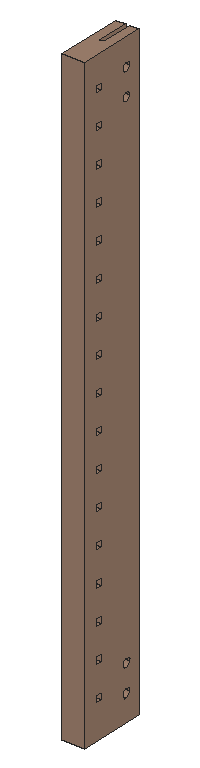
Revit family "KLS - wooden vertical furniture", category Generic Models, host Face, Revit 2014
Parameters
  wood = KLS - Wood (Oak)
  width inside = 20 mm
  width = 100 mm
  void = 30 mm
  thickness = 300 mm
  number of voids = (height - 300 mm) / 150 mm + 1  # 17
  length inside [instance] = 140 mm
  hole_radius = 20 mm
  height_holes = 352.495 mm
  height_hole1 = 150 mm
  height = 2700 mm
  Default Elevation = 1219.2 mm
Reference planes
  plane 1 "Center (Front/Back)": y = 0
  plane 2: z = 0
  plane 3 "Center (Left/Right)": x = 0
  plane 4: x = -50
  plane 5: x = 50
  plane 6: y = 150
  plane 7: y = -150
  plane 8: z = 2700
  plane 9: y = 10
  plane 10: x = -10
  plane 11: x = 10
  plane 12: z = 117.498
  plane 13: z = 234.997
  plane 14: z = 352.495
  plane 15: y = 80
  plane 16: z = 2582.502
  plane 17: z = 2465.003
  plane 18: z = 2347.505
  plane 19: z = 150
  plane 20: z = 180
  plane 21: y = -85
  plane 22: y = -55
  plane 23: y = -70
Forms (mm)
  Extrusion 1, solid, material "KLS - Wood (Oak)" <- "wood"
    sketch origin (0, 0, 0) x (1, 0, 0) y (0, 1, 0)
      loop
        line (-50, -150) -> (50, -150) -> (50, 150) -> (10, 150) -> (10, 10) -> (-10, 10) -> (-10, 150) -> (-50, 150) -> (-50, -150)
    from 0 to 2700
  Extrusion 2, void
    sketch origin (0, 0, 0) x (0, 1, 0) y (0, 0, 1)
      loop
        circle (80, 234.997) r 20
      loop
        circle (80, 117.498) r 20
    from -50 to 50
  Extrusion 3, void
    sketch origin (0, 0, 0) x (0, 1, 0) y (0, 0, 1)
      loop
        circle (80, 2582.502) r 20
      loop
        circle (80, 2465.003) r 20
    from -50 to 50
  Extrusion 4, void
    sketch origin (0, 0, 0) x (0, 1, 0) y (0, 0, 1)
      loop
        line (-85, 150) -> (-55, 150) -> (-55, 180) -> (-85, 180) -> (-85, 150)
    from -50 to 50
  Extrusion 5, void
    sketch origin (0, 0, 150) x (0, 1, 0) y (0, 0, 1)
      loop
        line (-85, 150) -> (-55, 150) -> (-55, 180) -> (-85, 180) -> (-85, 150)
    from -50 to 50
  Extrusion 6, void
    sketch origin (0, 0, 300) x (0, 1, 0) y (0, 0, 1)
      loop
        line (-85, 150) -> (-55, 150) -> (-55, 180) -> (-85, 180) -> (-85, 150)
    from -50 to 50
  Extrusion 7, void
    sketch origin (0, 0, 450) x (0, 1, 0) y (0, 0, 1)
      loop
        line (-85, 150) -> (-55, 150) -> (-55, 180) -> (-85, 180) -> (-85, 150)
    from -50 to 50
  Extrusion 8, void
    sketch origin (0, 0, 600) x (0, 1, 0) y (0, 0, 1)
      loop
        line (-85, 150) -> (-55, 150) -> (-55, 180) -> (-85, 180) -> (-85, 150)
    from -50 to 50
  Extrusion 9, void
    sketch origin (0, 0, 750) x (0, 1, 0) y (0, 0, 1)
      loop
        line (-85, 150) -> (-55, 150) -> (-55, 180) -> (-85, 180) -> (-85, 150)
    from -50 to 50
  Extrusion 10, void
    sketch origin (0, 0, 900) x (0, 1, 0) y (0, 0, 1)
      loop
        line (-85, 150) -> (-55, 150) -> (-55, 180) -> (-85, 180) -> (-85, 150)
    from -50 to 50
  Extrusion 11, void
    sketch origin (0, 0, 1050) x (0, 1, 0) y (0, 0, 1)
      loop
        line (-85, 150) -> (-55, 150) -> (-55, 180) -> (-85, 180) -> (-85, 150)
    from -50 to 50
  Extrusion 12, void
    sketch origin (0, 0, 1200) x (0, 1, 0) y (0, 0, 1)
      loop
        line (-85, 150) -> (-55, 150) -> (-55, 180) -> (-85, 180) -> (-85, 150)
    from -50 to 50
  Extrusion 13, void
    sketch origin (0, 0, 1350) x (0, 1, 0) y (0, 0, 1)
      loop
        line (-85, 150) -> (-55, 150) -> (-55, 180) -> (-85, 180) -> (-85, 150)
    from -50 to 50
  Extrusion 14, void
    sketch origin (0, 0, 1500) x (0, 1, 0) y (0, 0, 1)
      loop
        line (-85, 150) -> (-55, 150) -> (-55, 180) -> (-85, 180) -> (-85, 150)
    from -50 to 50
  Extrusion 15, void
    sketch origin (0, 0, 1650) x (0, 1, 0) y (0, 0, 1)
      loop
        line (-85, 150) -> (-55, 150) -> (-55, 180) -> (-85, 180) -> (-85, 150)
    from -50 to 50
  Extrusion 16, void
    sketch origin (0, 0, 1800) x (0, 1, 0) y (0, 0, 1)
      loop
        line (-85, 150) -> (-55, 150) -> (-55, 180) -> (-85, 180) -> (-85, 150)
    from -50 to 50
  Extrusion 17, void
    sketch origin (0, 0, 1950) x (0, 1, 0) y (0, 0, 1)
      loop
        line (-85, 150) -> (-55, 150) -> (-55, 180) -> (-85, 180) -> (-85, 150)
    from -50 to 50
  Extrusion 18, void
    sketch origin (0, 0, 2100) x (0, 1, 0) y (0, 0, 1)
      loop
        line (-85, 150) -> (-55, 150) -> (-55, 180) -> (-85, 180) -> (-85, 150)
    from -50 to 50
  Extrusion 19, void
    sketch origin (0, 0, 2250) x (0, 1, 0) y (0, 0, 1)
      loop
        line (-85, 150) -> (-55, 150) -> (-55, 180) -> (-85, 180) -> (-85, 150)
    from -50 to 50
  Extrusion 20, void
    sketch origin (0, 0, 2400) x (0, 1, 0) y (0, 0, 1)
      loop
        line (-85, 150) -> (-55, 150) -> (-55, 180) -> (-85, 180) -> (-85, 150)
    from -50 to 50
Cuts and joins
  Extrusion 2, Extrusion 3, Extrusion 4, Extrusion 5, Extrusion 6, Extrusion 7, Extrusion 8, Extrusion 9, Extrusion 10, Extrusion 11, Extrusion 12, Extrusion 13, Extrusion 14, Extrusion 15, Extrusion 16, Extrusion 17, Extrusion 18, Extrusion 19, Extrusion 20 cuts Extrusion 1
Dimensions and locks
  equal spacing: plane 4, plane 3 "Center (Left/Right)", plane 5
  equal spacing: plane 6, plane 1 "Center (Front/Back)", plane 7
  "width": plane 4 to plane 5
  "thickness": plane 6 to plane 7
  "length inside": plane 6 to plane 9
  equal spacing: plane 10, plane 3 "Center (Left/Right)", plane 11
  "width inside": plane 10 to plane 11
  equal spacing: plane 14, plane 13, plane 12, level
  "height_holes": plane 14 to level
  "height": plane 8 to level
  equal spacing: plane 9, plane 15, plane 6
  equal spacing: plane 8, plane 16, plane 17, plane 18
  "height_holes": plane 8 to plane 18
  "height_hole1": plane 19 to level
  equal spacing: plane 21, plane 23, plane 22
  equal spacing: plane 7, plane 23, plane 9
  "void": plane 20 to plane 19
  "void": plane 21 to plane 22
  equal spacing: group 1, group 2, group 3, group 4, group 5, group 6, group 7, group 8, group 9, group 10, group 11, group 12, group 13, group 14, group 15, group 16, group 17  (x3)
  "hole_radius": radius of Extrusion 2 sketch curve  (x2)
  "hole_radius": radius of Extrusion 3 sketch curve  (x2)
  aligned and locked: plane 2 to host face
  aligned and locked: level to host face
  aligned and locked: plane 4 to Extrusion 1 sketch curve
  aligned and locked: plane 7 to Extrusion 1 sketch curve
  aligned and locked: Extrusion 1 sketch curve to plane 5
  aligned and locked: plane 8 to Extrusion 1
  aligned and locked: Extrusion 1 sketch curve to plane 9
  aligned and locked: plane 11 to Extrusion 1 sketch curve
  aligned and locked: Extrusion 1 sketch curve to plane 10
  aligned and locked: Extrusion 1 sketch curve to plane 6  (x2)
  aligned and locked: Extrusion 2 to plane 4
  aligned and locked: plane 5 to Extrusion 2
  aligned and locked: Extrusion 1 to Extrusion 2
  aligned and locked: Extrusion 3 to plane 4
  aligned and locked: plane 5 to Extrusion 3
  aligned and locked: Extrusion 4 to plane 4
  aligned and locked: plane 5 to Extrusion 4
Automatic sketch dimensions
  host sketch curve to host sketch curve = 2438.4 mm  (x2)
  Extrusion 4 sketch curve to Extrusion 4 sketch curve = 30 mm  (x2)
  Extrusion 5 sketch curve to Extrusion 5 sketch curve = 30 mm  (x2)
  Extrusion 6 sketch curve to Extrusion 6 sketch curve = 30 mm  (x2)
  Extrusion 7 sketch curve to Extrusion 7 sketch curve = 30 mm  (x2)
  Extrusion 8 sketch curve to Extrusion 8 sketch curve = 30 mm  (x2)
  Extrusion 9 sketch curve to Extrusion 9 sketch curve = 30 mm  (x2)
  Extrusion 10 sketch curve to Extrusion 10 sketch curve = 30 mm  (x2)
  Extrusion 11 sketch curve to Extrusion 11 sketch curve = 30 mm  (x2)
  Extrusion 12 sketch curve to Extrusion 12 sketch curve = 30 mm  (x2)
  Extrusion 13 sketch curve to Extrusion 13 sketch curve = 30 mm  (x2)
  Extrusion 14 sketch curve to Extrusion 14 sketch curve = 30 mm  (x2)
  Extrusion 15 sketch curve to Extrusion 15 sketch curve = 30 mm  (x2)
  Extrusion 16 sketch curve to Extrusion 16 sketch curve = 30 mm  (x2)
  Extrusion 17 sketch curve to Extrusion 17 sketch curve = 30 mm  (x2)
  Extrusion 18 sketch curve to Extrusion 18 sketch curve = 30 mm  (x2)
  Extrusion 19 sketch curve to Extrusion 19 sketch curve = 30 mm  (x2)
  Extrusion 20 sketch curve to Extrusion 20 sketch curve = 30 mm  (x2)
  Extrusion 2 sketch curve to plane 12 = 0 mm
  Extrusion 2 sketch curve to plane 15 = 0 mm  (x2)
  Extrusion 2 sketch curve to plane 13 = 0 mm
  Extrusion 3 sketch curve to plane 15 = 0 mm  (x2)
  Extrusion 3 sketch curve to plane 17 = 0 mm
  Extrusion 3 sketch curve to plane 16 = 0 mm
